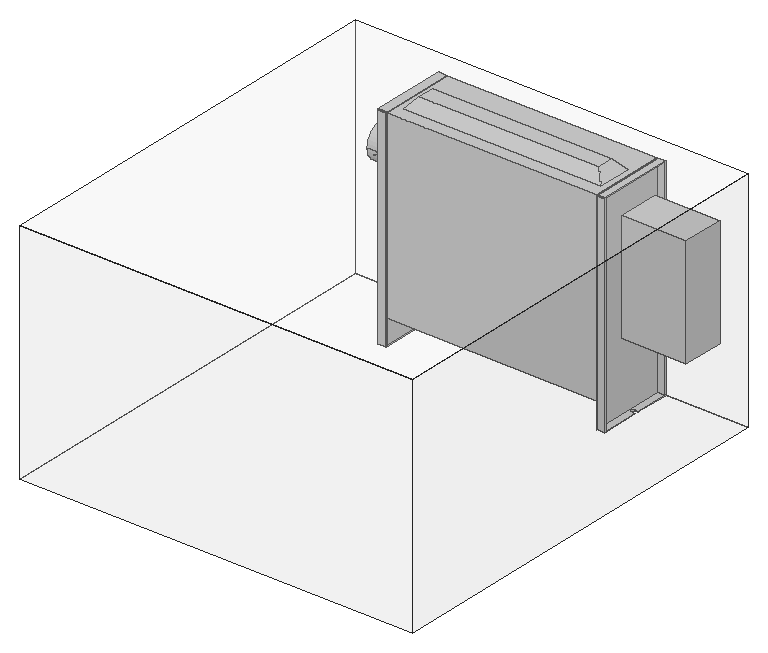
Revit family "pffy-p28_71lrmg9_50Hz", category 機械設備, Revit 2019
Family settings
  丸型コネクタ寸法 = 直径を使用
  パーツ タイプ = 標準
  OmniClass 番号 = 23.75.10.24.21.27.27
  OmniClass タイトル = Split System Air Conditioning Units
  作業面ベース = いいえ
  常に垂直 = はい
  ロード時にボイドで切り取り = いいえ
  共有 = いいえ
  部屋計算ポイント = いいえ
Parameters (values of type "PFFY-P28LRMG9")
  風量（弱）（m3／min） = 5.5
  風量（m3／min） = 6.5
  風量 = MAX風量  # 390.0 m³/h
  音響パワーレベル（弱）(dB) = 49
  音響パワーレベル(dB) = 54
  電源種別 = ""
  電圧_電気ヒーター = 0 V
  電圧 = 200 V
  電動機出力_送風機 = 0.02 kW
  運転質量 = 0.00 kg
  連動 = ""
  質量 = if(製品質量 > 運転質量, 製品質量, 運転質量) * 1.2  # 26.40 kg
  負荷分類 = 3_ファン類
  説明 = "ビル用マルチエアコン 床置埋込形　室内機"
  設計暖房能力 [instance] = 0 kW
  設計冷房能力_顕熱 [instance] = 0 kW
  設計冷房能力 [instance] = 0 kW
  設置方法 = "床置（隠ぺい）"
  記号 [instance] = ""
  製造元 = "三菱電機株式会社"
  製品質量 = 22.00 kg
  製品出荷対象 = "国内"
  製品リリース年月 = "2022年9月15日"
  製品グループ = ""
  系統 [instance] = ""
  符号 = "ACP-FIL"
  積算_科目 = "1 空気調和設備"
  積算_拾い区分 [instance] = ""
  相_電気ヒーター = 1
  相 = 1
  盤記号 [instance] = ""
  発停方法 = ""
  特殊仕様 [instance] = ""
  火災停止 = ""
  消費電力_電気ヒーター = 0 kW
  消費電力_暖房 = 0.04 kW
  消費電力_加湿器 = 0 kW
  消費電力_冷房 = 0.04 kW
  消費電力 = if(消費電力_冷房 > 消費電力_暖房, 消費電力_冷房, 消費電力_暖房) + 消費電力_加湿器 + 消費電力_電気ヒーター  # 0.04 kW
  法定耐用年数 = "15"
  機械基礎質量 [instance] = 0.00 kg
  機械基礎_W = 0 mm
  機械基礎_H = 0 mm
  機械基礎_D = 0 mm
  機械基礎 [instance] = no
  機外静圧 = 0.0 Pa
  極数 = 3
  材質 [instance] = ""
  本体マテリアル = none
  有効加湿量 = 0
  暖房能力 = 3.2 kW
  形式_加湿器 = ""
  形式 = "床置（隠ぺい）ローボーイ形"
  形名 = PFFY-P-LRMG : P28
  幹線記号 [instance] = ""
  始動方式 = "直入"
  呼称 = "室内機_床置(隠ぺい)ローボーイ形"
  周波数 = 50 Hz
  台数_手元リモコン [instance] = ""
  台数_冷媒分岐ユニット [instance] = ""
  参照している仕様書等のバージョン = "公共建築工事標準仕様書（機械設備工事編）平成31年度版"
  加湿給水管径 = 0.00 mm
  分類コード = "50053003221150"
  分類グループ = ""
  冷房能力 = 2.8 kW
  冷媒高低圧ガス管径 = 0.00 mm
  冷媒管径符号 = "Ac"
  冷媒管径 = 100.00 mm
  冷媒液管径 = 6.35 mm
  冷媒ガス管径 = 12.70 mm
  価格 = 0
  企業コード = "108420"
  付属品_フィルター = ""
  付属品 [instance] = ""
  仕様書バージョン = "Version1.0"
  モデル = "PFFY-P28LRMG9"
  ドレン管径 = 20.00 mm
  ダクト高 = 98 mm
  ダクト幅 = 572 mm
  コメント [instance] = ""
  Keynote = ""
  Width = 660 mm
  Version = ""
  Uniclass2015Version = "Systems v1.9"
  Uniclass2015Title = "Split coil remote air cooled condensing units"
  Uniclass2015Code = "Pr_70_65_03_84"
  URL = "https://www.mitsubishielectric.co.jp/ldg/wink/ssl/displayProduct.do?pid=317065"
  S寸法 = 0 mm
  SpecificationReference = ""
  SpecificationDescription = ""
  Revision = ""
  ProductInformation = ""
  OmniClassCode = "23-33 17 13 11"
  MIN風量 = 風量（弱）（m3／min） * 60.0 m³/h  # 330.0 m³/h
  MAX風量 = 風量（m3／min） * 60.0 m³/h  # 390.0 m³/h
  IfcTypeProduct = ""
  IfcProduct = ""
  IfcExportType = "AIRCONDITIONINGUNIT"
  IfcExportAs = "IfcUnitaryEquipmentType"
  Height = 639 mm
  Depth = 220 mm
  Clearance Top = 661 mm
  Clearance Right = 240 mm
  Clearance Left = 240 mm
  Clearance Front = 1000 mm
  Clearance Back = 0 mm
  Author = "三菱電機株式会社"
Types (5, lengths in mm): name | 風量（弱）（m3／min） | 風量（m3／min） | 風量 | 音響パワーレベル（弱）(dB) | 音響パワーレベル(dB) | 電動機出力_送風機 | 質量 | 製品質量 | 消費電力_暖房 | 消費電力_冷房 | 消費電力 | 暖房能力 | 形名 | 冷房能力 | 冷媒管径符号 | 冷媒液管径 | 冷媒ガス管径 | モデル | ダクト幅 | Width | URL | MIN風量 | MAX風量
  PFFY-P28LRMG9 | 5.5 | 6.5 | 390.0 m³/h | 49 | 54 | 0.02 kW | 26.40 kg | 22.00 kg | 0.04 kW | 0.04 kW | 0.04 kW | 3.2 kW | PFFY-P-LRMG : P28 | 2.8 kW | "Ac" | 6.35 | 12.70 | "PFFY-P28LRMG9" | 572 | 660 | "https://www.mitsubishielectric.co.jp/ldg/wink/ssl/displayProduct.do?pid=317065" | 330.0 m³/h | 390.0 m³/h
  PFFY-P36LRMG9 | 7 | 9 | 540.0 m³/h | 50 | 55 | 0.03 kW | 27.60 kg | 23.00 kg | 0.05 kW | 0.05 kW | 0.05 kW | 4 kW | PFFY-P-LRMG : P36 | 3.6 kW | "Ac" | 6.35 | 12.70 | "PFFY-P36LRMG9" | 692 | 780 | "https://www.mitsubishielectric.co.jp/ldg/wink/ssl/displayProduct.do?pid=317066" | 420.0 m³/h | 540.0 m³/h
  PFFY-P45LRMG9 | 9 | 11 | 660.0 m³/h | 52 | 58 | 0.035 kW | 30.00 kg | 25.00 kg | 0.07 kW | 0.07 kW | 0.07 kW | 5 kW | PFFY-P-LRMG : P45 | 4.5 kW | "Ac" | 6.35 | 12.70 | "PFFY-P45LRMG9" | 692 | 780 | "https://www.mitsubishielectric.co.jp/ldg/wink/ssl/displayProduct.do?pid=317067" | 540.0 m³/h | 660.0 m³/h
  PFFY-P56LRMG9 | 12 | 14 | 840.0 m³/h | 55 | 59 | 0.04 kW | 34.80 kg | 29.00 kg | 0.09 kW | 0.09 kW | 0.09 kW | 6.3 kW | PFFY-P-LRMG : P56 | 5.6 kW | "Ac" | 6.35 | 12.70 | "PFFY-P56LRMG9" | 932 | 1020 | "https://www.mitsubishielectric.co.jp/ldg/wink/ssl/displayProduct.do?pid=317068" | 720.0 m³/h | 840.0 m³/h
  PFFY-P71LRMG9 | 12 | 15.5 | 930.0 m³/h | 57 | 62 | 0.045 kW | 36.00 kg | 30.00 kg | 0.1 kW | 0.1 kW | 0.1 kW | 8 kW | PFFY-P-LRMG : P71 | 7.1 kW | "Bd" | 9.52 | 15.88 | "PFFY-P71LRMG9" | 932 | 1020 | "https://www.mitsubishielectric.co.jp/ldg/wink/ssl/displayProduct.do?pid=317069" | 720.0 m³/h | 930.0 m³/h
Reference planes
  plane 1: z = -150
  plane 2: z = 489
  plane 3: z = -150
  plane 4: z = 1150
  plane 5 "中心(正面/背面)": y = -110
  plane 6 "左": x = -330
  plane 7 "右": x = 330
  plane 8 "正面": y = -220
  plane 9 "背面": y = 0
  plane 10: x = 0
  plane 11: y = 0
  plane 12: y = -220
  plane 13: x = 330
  plane 14: y = 0
  plane 15: x = 570
  plane 16: x = -570
  plane 17: y = -1220
  plane 18: z = 511
  plane 19: x = -286
  plane 20: x = 286
  plane 21: x = -350
Dimensions and locks
  "Height": plane 1 to plane 2
  equal spacing: plane 8 "正面", plane 5 "中心(正面/背面)", plane 9 "背面"
  "Depth": plane 8 "正面" to plane 9 "背面"
  "S寸法": plane 9 "背面" to plane 11
  "S寸法": plane 12 to plane 8 "正面"
  "S寸法": plane 7 "右" to plane 13
  "Clearance Back": plane 9 "背面" to plane 14
  "Clearance Right": plane 7 "右" to plane 15
  "Clearance Left": plane 16 to plane 6 "左"
  "Clearance Front": plane 17 to plane 8 "正面"
  "ダクト幅": plane 19 to plane 20
  "Clearance Top": plane 18 to plane 3
  "Width": plane 6 "左" to plane 13
  equal spacing: plane 6 "左", plane 10, plane 13
  equal spacing: plane 19, plane 10, plane 20
  aligned and locked: plane 14 to nested 1
  aligned and locked: plane 1 to plane 3
  aligned and locked: plane 17 to nested 1
  aligned and locked: nested 1 to plane 18
  aligned and locked: plane 16 to nested 1
  aligned and locked: plane 15 to nested 1
Nested families
  nested 1: "サービススペース(PFFY-P-DMG)" at (0, -610, 180.5), type "サービススペース(PFFY-P-DMG)"
    with Width 1140 mm, Height 661 mm, Depth 1220 mm
  nested 2: "PFFY-P-LRMG" at (0, -110, -150), type <- "形名", type "P28"
    with 表示 yes, マテリアル2 none, マテリアル1 none
Connectors
  piping at (-350, -130, -140), diameter 20, driven by "ドレン管径"
    settings: on nested 2, index 1, connector inside diameter 609.60 mm, connector length 0 mm, flow factor 0, pipe flow 0.0 L/s, pressure drop 0.0 Pa, fitting loss kfactor 0, connector angle 0.00°, fixture units 0, engagement length 0 mm, angle of deflection 0.00°, flow configuration 1, flow direction 2, fitting loss method 4, system type 16, joint type 0, gender type 0, connector reference index -1, connector utility 0, adjustable connector no, is connector primary yes, connector description ""
  piping at (-410, -109.5, 305), diameter 100, driven by "冷媒管径", driven by "冷媒管径符号"
    settings: on nested 2, index 2, connector inside diameter 609.60 mm, connector length 0 mm, flow factor 0, pipe flow 0.0 L/s, pressure drop 0.0 Pa, fitting loss kfactor 0, connector angle 0.00°, fixture units 0, engagement length 0 mm, angle of deflection 0.00°, flow configuration 1, flow direction 1, fitting loss method 4, system type 7, joint type 0, gender type 0, connector reference index -1, connector utility 0, adjustable connector no, is connector primary no, connector description "Ac"
  hvac at (0, -133, 460), driven by "ダクト高", driven by "ダクト幅", driven by "風量"
    settings: on nested 2, index 3, duct flow 390.0 m³/h, flow factor 0, pres drop 0.0 Pa, loss coef 0, conn angle 0.00°, conn width 572 mm, conn height 98 mm, conn diameter 609.6 mm, duct sys type 29, conn prof type 1, flow config 0, flow direction 2, loss method 4, conn ref index -1, conn util no, is conn primary yes, conn desc ""
  electrical at (497, -74.014, 210), driven by "極数", driven by "負荷分類", driven by "電圧", driven by "消費電力"
    settings: on nested 2, index 4, voltage 200 V, apparent load 40 VA, apparent load phase1 0 VA, apparent load phase2 0 VA, apparent load phase3 0 VA, power factor 1, load classification "3_ファン類", number of poles 3, system type 30, power factor state 1, is connector primary yes, connector utility no, sub classification motor no, connector description ""
Definition of nested family "サービススペース(PFFY-P-DMG)"
  Parameters (values of type "サービススペース")
    Width [instance] = 500 mm
    Height [instance] = 500 mm
    Depth [instance] = 500 mm
  Reference planes
    plane 1 "中心(正面/背面)": y = 0
    plane 2: z = 0
    plane 3 "中心(左/右)": x = 0
    plane 4: y = -250
    plane 5: x = 250
    plane 6: y = 250
    plane 7: x = -250
    plane 8: z = 250
    plane 9: z = -250
  Forms (mm)
    Extrusion 1, solid
      sketch origin (-638.939, 0, 72.39) x (1, 0, 0) y (0, 1, 0)
        loop
          line (388.939, 250) -> (388.939, -250) -> (888.939, -250) -> (888.939, 250) -> (388.939, 250)
      from -322.39 to 177.61
  Lines and regions (mm)
    symbolic lines
      curve 1: line (-250, 0, 250) -> (250, 0, 250)
      curve 2: line (-250, 0, -250) -> (-250, 0, 250)
      curve 3: line (250, 0, -250) -> (-250, 0, -250)
      curve 4: line (250, 0, 250) -> (250, 0, -250)
      curve 5: line (0, -250, 250) -> (0, 250, 250)
      curve 6: line (0, -250, -250) -> (0, -250, 250)
      curve 7: line (0, 250, -250) -> (0, -250, -250)
      curve 8: line (0, 250, 250) -> (0, 250, -250)
      curve 9: line (-250, 250, 0) -> (250, 250, 0)
      curve 10: line (-250, -250, 0) -> (-250, 250, 0)
      curve 11: line (250, -250, 0) -> (-250, -250, 0)
      curve 12: line (250, 250, 0) -> (250, -250, 0)
  Dimensions and locks
    equal spacing: plane 7, plane 3 "中心(左/右)", plane 5
    equal spacing: plane 4, plane 1 "中心(正面/背面)", plane 6
    "Depth": plane 4 to plane 6
    "Width": plane 7 to plane 5
    equal spacing: plane 8, plane 2, plane 9
    "Height": plane 8 to plane 9
    aligned and locked: plane 9 to curve 3
    aligned and locked: plane 7 to curve 2
    aligned and locked: curve 4 to plane 5
    aligned and locked: plane 5 to Extrusion 1
    aligned and locked: Extrusion 1 to plane 7
    aligned and locked: Extrusion 1 to plane 9
    aligned and locked: plane 8 to Extrusion 1
    aligned and locked: plane 9 to curve 7
  Automatic sketch dimensions
    plane 4 to Extrusion 1 sketch curve = 0 mm
    Extrusion 1 sketch curve to plane 7 = 0 mm
    Extrusion 1 sketch curve to plane 5 = 0 mm
    plane 6 to Extrusion 1 sketch curve = 0 mm
    curve 2 to plane 8 = 0 mm
    plane 4 to curve 11 = 0 mm
    curve 11 to plane 7 = 0 mm
    curve 11 to plane 5 = 0 mm
    plane 6 to curve 10 = 0 mm
    curve 7 to plane 4 = 0 mm
    curve 7 to plane 6 = 0 mm
    curve 6 to plane 8 = 0 mm
Definition of nested family "PFFY-P-LRMG"
  Parameters (values of type "P28")
    表示 [instance] = yes
    冷媒配管（液） = 6.35 mm
    冷媒配管（ガス） = 12.7 mm
    冷媒径 = 100 mm
    マテリアル2 [instance] = none
    マテリアル1 [instance] = none
    ドレン径 = 34 mm  # constant formula
    G = 660 mm
    D = 610 mm
    C = 572 mm
    B = 640 mm
    A = 878 mm
  Types (5, lengths in mm): name | 冷媒配管（液） | 冷媒配管（ガス） | G | D | C | B | A
    P28 | 6.35 | 12.7 | 660 | 610 | 572 | 640 | 878
    P36 | 6.35 | 12.7 | 780 | 730 | 692 | 760 | 998
    P45 | 6.35 | 12.7 | 780 | 730 | 692 | 760 | 998
    P56 | 6.35 | 12.7 | 1020 | 970 | 932 | 1000 | 1238
    P71 | 9.52 | 15.88 | 1020 | 970 | 932 | 1000 | 1238
  Reference planes
    plane 1 "中心(正面/背面)": y = 0
    plane 2: z = 0
    plane 3 "中心(左/右)": x = 0
    plane 4: x = -330
    plane 5: x = 330
    plane 6: z = 75
    plane 7: y = 110
    plane 8: y = -110
    plane 9: z = 639
    plane 10: x = -286
    plane 11: x = 286
    plane 12: y = -72
    plane 13: x = -320
    plane 14: x = 320
    plane 15: x = 497
    plane 16 "配管-長さ": x = -410
    plane 17 "液-高さ": z = 430
    plane 18 "ガス-高さ": z = 480
    plane 19 "ガス-奥行": y = 10
    plane 20 "液-奥行": y = -25
    plane 21 "冷媒管径-奥行": y = 0.5
    plane 22 "冷媒管径-高さ": z = 455
    plane 23: x = -305
    plane 24: x = 305
    plane 25: x = -381
    plane 26 "ドレン-奥行": y = -20
    plane 27 "ドレン-高さ": z = 10
    plane 28: z = 610
    plane 29: y = 4
    plane 30: x = -350
  Forms (mm)
    Extrusion 1, solid, material <- "マテリアル1", visible <- "表示", detail levels fine
      sketch origin (-1437.329, -1524, 1748) x (-1, 0, 0) y (0, -1, 0)
        loop
          line (-1742.329, -1634) -> (-1132.329, -1634) -> (-1132.329, -1414) -> (-1742.329, -1414) -> (-1742.329, -1634)
      from -1673 to -1138
    Blend 2, solid, detail levels fine
      base sketch origin (-1437.329, -1524, 639) x (-1, 0, 0) y (0, -1, 0)
        loop
          line (-1151.329, -1550) -> (-1151.329, -1452) -> (-1723.329, -1452) -> (-1723.329, -1550) -> (-1151.329, -1550)
      top sketch origin (-1437.329, -1524, 639) x (-1, 0, 0) y (0, -1, 0)
        loop
          line (-1176.329, -1525) -> (-1176.329, -1477) -> (-1698.329, -1477) -> (-1698.329, -1525) -> (-1176.329, -1525)
      from -29 to 0
    Extrusion 3, solid, detail levels fine
      sketch origin (1480.036, 110, 2000) x (1, 0, 0) y (0, 0, -1)
        loop
          line (-1175.036, 2000) -> (-1175.036, 1390) -> (-1150.036, 1390) -> (-1150.036, 2000) -> (-1175.036, 2000)
        loop
          line (-1785.036, 2000) -> (-1810.036, 2000) -> (-1810.036, 1390) -> (-1785.036, 1390) -> (-1785.036, 2000)
      from 0 to -2
    Extrusion 4, solid, detail levels fine
      sketch origin (0, 0, 0) x (1, 0, 0) y (0, 1, 0)
        loop
          line (307, 110) -> (305, 110) -> (305, -110) -> (307, -110) -> (307, 110)
        loop
          line (-307, 110) -> (-307, -110) -> (-305, -110) -> (-305, 110) -> (-307, 110)
      from 0 to 610
    Extrusion 5, solid, detail levels fine
      sketch origin (1480.036, 110, 2000) x (1, 0, 0) y (0, 0, 1)
        loop
          line (-1175.036, -1998) -> (-1175.036, -2000) -> (-1150.036, -2000) -> (-1150.036, -1998) -> (-1175.036, -1998)
        loop
          line (-1785.036, -1998) -> (-1810.036, -1998) -> (-1810.036, -2000) -> (-1785.036, -2000) -> (-1785.036, -1998)
      from 0 to 220
    Extrusion 6, solid, detail levels fine
      sketch origin (1480.036, 110, 2637) x (1, 0, 0) y (0, 0, 1)
        loop
          line (-1175.036, -2027) -> (-1175.036, -2029) -> (-1150.036, -2029) -> (-1150.036, -2027) -> (-1175.036, -2027)
        loop
          line (-1785.036, -2027) -> (-1810.036, -2027) -> (-1810.036, -2029) -> (-1785.036, -2029) -> (-1785.036, -2027)
      from 0 to 220
    Extrusion 7, solid, detail levels fine
      sketch origin (1480.036, -108, 2000) x (1, 0, 0) y (0, 0, -1)
        loop
          line (-1175.036, 2000) -> (-1175.036, 1390) -> (-1150.036, 1390) -> (-1150.036, 2000) -> (-1175.036, 2000)
        loop
          line (-1785.036, 2000) -> (-1810.036, 2000) -> (-1810.036, 1390) -> (-1785.036, 1390) -> (-1785.036, 2000)
      from 0 to -2
    Extrusion 8, void
      sketch origin (0, 0, 0) x (1, 0, 0) y (0, 1, 0)
        loop
          line (-330, 10) -> (-330, -2) -> (-320, -2)
          spline (-320, -2) -> (-318.447, -1.796) -> (-317, -1.196) -> (-315.757, -0.243) -> (-314.804, 1) -> (-314.204, 2.447) -> (-314, 4) -> (-314.204, 5.553) -> (-314.804, 7) -> (-315.757, 8.243) -> (-317, 9.196) -> (-318.447, 9.796) -> (-320, 10)
          line (-320, 10) -> (-330, 10)
        loop
          line (330, 10) -> (320, 10)
          spline (320, 10) -> (318.447, 9.796) -> (317, 9.196) -> (315.757, 8.243) -> (314.804, 7) -> (314.204, 5.553) -> (314, 4) -> (314.204, 2.447) -> (314.804, 1) -> (315.757, -0.243) -> (317, -1.196) -> (318.447, -1.796) -> (320, -2)
          line (320, -2) -> (330, -2) -> (330, 10)
      from 0 to 50
    Extrusion 9, solid, detail levels fine
      sketch origin (0, 0, 0) x (1, 0, 0) y (0, 1, 0)
        loop
          line (307, 95.986) -> (307, -24.014) -> (497, -24.014) -> (497, 95.986) -> (307, 95.986)
      from 200 to 520
    Extrusion 10, solid, detail levels fine
      sketch origin (-307, 110, 29) x (0, -1, 0) y (0, 0, 1)
        loop
          circle (100, 451) r 6.35
        loop
          circle (135, 401) r 3.175
      from 0 to 103
    Extrusion 11, solid, detail levels fine
      sketch origin (-307, 110, 29) x (0, -1, 0) y (0, 0, 1)
        loop
          circle (109.5, 426) r 50
      from 0 to 103
    Extrusion 12, solid, detail levels fine
      sketch origin (-1437.329, -1524, 10) x (-1, 0, 0) y (0, -1, 0)
        loop
          circle (-1087.329, -1504) r 10
      from 0 to 250
  Cuts and joins
    joined: Extrusion 3, Extrusion 4, Extrusion 6
    Extrusion 8 cuts Extrusion 5
    joined: Extrusion 5, Extrusion 7
  Dimensions and locks
    "G": plane 4 to plane 5
    plane 8 to plane 7 = 220 mm
    plane 8 to plane 12 = 38 mm
    equal spacing: plane 4, plane 3 "中心(左/右)", plane 5
    "B": plane 13 to plane 14
    equal spacing: plane 13, plane 3 "中心(左/右)", plane 14
    "C": plane 10 to plane 11
    equal spacing: plane 10, plane 3 "中心(左/右)", plane 11
    locked: plane 5 to plane 15 at 167
    locked: plane 17 "液-高さ" to level at 430
    locked: plane 18 "ガス-高さ" to plane 17 "液-高さ" at 50
    locked: plane 16 "配管-長さ" to plane 4 at 80
    "D": plane 23 to plane 24
    equal spacing: plane 23, plane 3 "中心(左/右)", plane 24
    "A": plane 25 to plane 15
    locked: plane 8 to plane 26 "ドレン-奥行" at 90
    plane 29 to plane 7 = 106 mm
    locked: plane 30 to plane 23 at 45
    "冷媒径": diameter of Extrusion 11 sketch curve
    diameter of Extrusion 12 sketch curve = 20 mm
    "冷媒配管（ガス）": diameter of Extrusion 10 sketch curve
    "冷媒配管（液）": diameter of Extrusion 10 sketch curve
    aligned and locked: level to plane 2
    aligned and locked: Extrusion 1 to plane 6
    aligned and locked: plane 10 to Blend 2 sketch curve
    aligned and locked: Blend 2 sketch curve to plane 11
    aligned and locked: Blend 2 sketch curve to plane 12
    aligned and locked: Extrusion 5 sketch curve to cut or joined group of Extrusion 3, Extrusion 4, Extrusion 6
    aligned and locked: plane 8 to Extrusion 5
    aligned and locked: Extrusion 11 to plane 16 "配管-長さ"
    aligned and locked: Extrusion 10 to plane 16 "配管-長さ"
    aligned and locked: plane 23 to Extrusion 4 sketch curve
    aligned and locked: plane 24 to Extrusion 4 sketch curve
    aligned and locked: plane 13 to nested 1
    aligned and locked: plane 14 to nested 1
    aligned and locked: Blend 2 to plane 28
    aligned and locked: plane 9 to Blend 2
    aligned and locked: plane 28 to Extrusion 1
    aligned and locked: Extrusion 4 to Extrusion 1
    aligned and locked: Extrusion 3 to Extrusion 1
    aligned and locked: Extrusion 1 to Extrusion 3
    aligned and locked: plane 29 to nested 1
  Automatic sketch dimensions
    plane 8 to Extrusion 1 sketch curve = 0 mm
    plane 7 to Extrusion 1 sketch curve = 0 mm
    Extrusion 1 sketch curve to plane 14 = 15 mm
    plane 13 to Extrusion 1 sketch curve = 15 mm
    Extrusion 3 sketch curve to level = 0 mm  (x2)
    Extrusion 3 sketch curve to plane 4 = 0 mm
    Extrusion 3 sketch curve to plane 9 = 29 mm  (x2)
    Extrusion 3 sketch curve to plane 5 = 0 mm
    plane 13 to Extrusion 3 sketch curve = 15 mm
    Extrusion 3 sketch curve to plane 14 = 15 mm
    plane 7 to Extrusion 4 sketch curve = 0 mm  (x2)
    plane 8 to Extrusion 4 sketch curve = 0 mm  (x2)
    Extrusion 4 sketch curve to Extrusion 4 sketch curve = 2 mm  (x2)
    Extrusion 5 sketch curve to plane 4 = 0 mm
    Extrusion 5 sketch curve to level = 0 mm  (x2)
    plane 13 to Extrusion 5 sketch curve = 15 mm
    Extrusion 5 sketch curve to plane 14 = 15 mm
    level to Extrusion 5 sketch curve = 2 mm  (x2)
    Extrusion 6 sketch curve to plane 4 = 0 mm
    Extrusion 6 sketch curve to plane 9 = 29 mm  (x2)
    Extrusion 6 sketch curve to plane 5 = 0 mm
    Extrusion 6 sketch curve to plane 9 = 31 mm  (x2)
    plane 13 to Extrusion 6 sketch curve = 15 mm
    Extrusion 6 sketch curve to plane 14 = 15 mm
    Extrusion 7 sketch curve to level = 0 mm  (x2)
    Extrusion 7 sketch curve to plane 4 = 0 mm
    Extrusion 7 sketch curve to plane 9 = 29 mm  (x2)
    Extrusion 7 sketch curve to plane 5 = 0 mm
    plane 13 to Extrusion 7 sketch curve = 15 mm
    Extrusion 7 sketch curve to plane 14 = 15 mm
    Extrusion 9 sketch curve to plane 5 = 23 mm
    Extrusion 9 sketch curve to plane 15 = 0 mm
    plane 1 "中心(正面/背面)" to Extrusion 9 sketch curve = 24.014 mm
    plane 7 to Extrusion 9 sketch curve = 14.014 mm
    Extrusion 8 sketch curve to plane 4 = 0 mm
    Extrusion 8 sketch curve to plane 13 = 0 mm
    Extrusion 8 sketch curve to plane 14 = 0 mm
    Extrusion 8 sketch curve to plane 5 = 0 mm
    Extrusion 8 sketch curve to plane 1 "中心(正面/背面)" = 4 mm  (x2)
    plane 1 "中心(正面/背面)" to Extrusion 8 sketch curve = 2 mm  (x2)
    plane 26 "ドレン-奥行" to Extrusion 12 sketch curve = 0 mm
    Blend 2 sketch curve to plane 21 "冷媒管径-奥行" = 0.5 mm
    Blend 2 sketch curve to plane 11 = 25 mm
    plane 10 to Blend 2 sketch curve = 25 mm
    plane 20 "液-奥行" to Blend 2 sketch curve = 22 mm
    plane 25 to Extrusion 12 sketch curve = 31 mm
    Blend 2 sketch curve to plane 19 "ガス-奥行" = 16 mm
    Extrusion 4 to Extrusion 10 sketch curve = 100 mm
    Extrusion 10 sketch curve to Extrusion 10 sketch curve = 35 mm
    Extrusion 4 to Extrusion 10 sketch curve = 180 mm
    Extrusion 10 sketch curve to Extrusion 10 sketch curve = 50 mm
    Extrusion 4 to Extrusion 11 sketch curve = 109.5 mm
    Extrusion 4 to Extrusion 11 sketch curve = 155 mm
  Nested families
    nested 1: "固定点" at (-320, 4, 0), visible <- "表示", type "固定点", detail levels fine
      with W 640 mm, D 300 mm
  Definition of nested family "固定点"
    Parameters (values of type "固定点")
      中心円 = 12 mm
      W [instance] = 1000 mm
      D [instance] = 1000 mm
    Reference planes
      plane 1 "中心(正面/背面)": y = 0
      plane 2: z = 0
      plane 3 "中心(左/右)": x = 0
      plane 4: x = 1000
    Lines and regions (mm)
      symbolic lines, detail levels fine
        curve 1: circle (0, 0, 0) r 6 normal (0, 0, 1)
        curve 2: circle (1000, 0, 0) r 6 normal (0, 0, 1)
        curve 3: line (-200, 0, 0) -> (1200, 0, 0)
    Dimensions and locks
      "W": plane 3 "中心(左/右)" to plane 4
      "中心円": diameter of curve 1
      "中心円": diameter of curve 2
      aligned and locked: level to plane 2
      aligned and locked: plane 3 "中心(左/右)" to curve 1
      aligned and locked: plane 1 "中心(正面/背面)" to curve 1
      aligned and locked: plane 1 "中心(正面/背面)" to curve 2
      aligned and locked: plane 4 to curve 2
      aligned and locked: plane 1 "中心(正面/背面)" to curve 3
    Automatic sketch dimensions
      curve 3 to plane 3 "中心(左/右)" = 200 mm
      curve 2 to curve 3 = 200 mm
